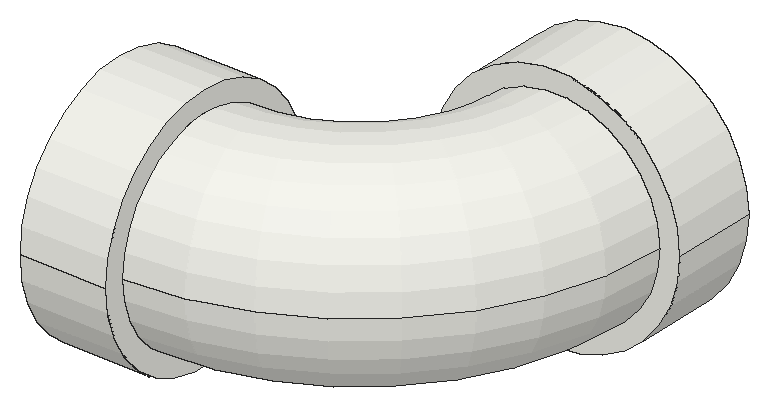
Revit family "PVC_Curva", category Pipe Fittings, Revit 2025
Family settings
  Round Connector Dimension = Use Radius
  Part Type = Elbow
  OmniClass Number = 23.60.30.11.14
  OmniClass Title = Pipework Fittings
  Work Plane-Based = No
  Always vertical = Yes
  Cut with Voids When Loaded = No
  Shared = No
Parameters
  Wall Thickness [instance] = size_lookup(Lookup Table Name, "WThk", 0.02 * Nominal Diameter + 33/256", Nominal Diameter)  # 0.156"
  Tick Size [instance] = Fitting Outside Diameter * 0.4  # 0.664"
  Socket Outside Radius [instance] = Socket Outside Diameter / 2  # 0.9935"
  Socket Outside Diameter [instance] = Socket Entrance Diameter + Wall Thickness * 2  # 1.987"
  Socket Entrance Diameter [instance] = size_lookup(Lookup Table Name, "SED", 1.04 * Nominal Diameter + 95/256", Nominal Diameter)  # 1.675"
  Socket Depth [instance] = size_lookup(Lookup Table Name, "SDpt", 0.5 * Nominal Diameter, Nominal Diameter)  # 0.687"
  Nominal Radius [instance] = 5/8"
  Nominal Diameter [instance] = Nominal Radius * 2  # 1 1/4"
  Loss Method = Not Defined
  Lookup Table Name = "Bend - PVC - Sch 40 - DWV"
  Length 2 [instance] = (Center to Socket Bottom Label + Socket Depth) * sin(Angle)  # 2 1/4"
  Length 1 [instance] = Center to Socket Bottom Label * (1 + cos(Angle)) + Socket Depth * cos(Angle)  # 1.563"
  Fitting Outside Radius [instance] = Fitting Outside Diameter / 2  # 0.83"
  Fitting Outside Diameter [instance] = size_lookup(Lookup Table Name, "FOD", 1.04 * Nominal Diameter + 23/64", Nominal Diameter)  # 1.66"
  Default Elevation = 0.000 m
  Center to Socket Bottom Not Found [instance] = if(Angle 1 = 90.00°, 0.66 * Nominal Diameter + 119/128", if(Angle 1 = 60.00°, 0.41 * Nominal Diameter + 55/128", if(Angle 1 = 45.00°, 0.42 * Nominal Diameter + 69/128", 0.21 * Nominal Diameter + 51/256")))  # 1.75469"
  Center to Socket Bottom Label [instance] = if(Fitting Outside Radius * tan(Angle / 2) > Center to Socket Bottom, Fitting Outside Radius * tan(Angle / 2) + 1/32", Center to Socket Bottom)  # 1.563"
  Center to Socket Bottom [instance] = size_lookup(Lookup Table Name, "CtSB", Center to Socket Bottom Not Found, Nominal Diameter, Angle 1)  # 1.563"
  Center Radius [instance] = Center to Socket Bottom Label / tan(Angle / 2)  # 1.563"
  Angle 1 [instance] = if(or(Angle < 22.50°, Angle = 22.50°), 22.50°, if(or(Angle < 45.00°, Angle = 45.00°), 45.00°, if(or(Angle < 60.00°, Angle = 60.00°), 60.00°, 90.00°)))  # 90.00°
  Angle [instance] = 90.00°
Reference planes (m)
  plane 1 "Center (Front/Back)": y = 0
  plane 2: z = 0
  plane 3 "Center (Left/Right)": x = 0
  plane 4: x = -0.0397
  plane 5: y = 0.0397
  plane 6: x = 0
  plane 7: y = 0.05715
  plane 8: x = -0.05715
Forms (m)
  Sweep 1, solid, material "PVC", detail levels fine
    path in 3D
      loop
        arc (-0.0397, 0, 0) -> (-0.011628, 0.011628, 0) -> (0, 0.0397, 0) r 0.0397
    profile origin (-0.011628, 0.011628, 0) x (-0.707107, 0.707107, 0) y (0, 0, 1)
      loop
        circle (0, 0) r 0.021082
  Sweep 2, solid, material "PVC", detail levels fine
    path in 3D
      loop
        line (-0.05715, 0, 0) -> (-0.0397, 0, 0)
    profile origin (-0.048425, 0, 0) x (0, 1, 0) y (0, 0, 1)
      loop
        circle (0, 0) r 0.025235
  Sweep 3, solid, material "PVC", detail levels fine
    path in 3D
      loop
        line (0, 0.0397, 0) -> (0, 0.05715, 0)
    profile origin (0, 0.048425, 0) x (-1, 0, 0) y (0, 0, 1)
      loop
        circle (0, 0) r 0.025235
Cuts and joins
  joined: Sweep 1, Sweep 2, Sweep 3
Lines and regions (m)
  model lines, detail levels coarse+medium
    curve 1: arc (-0.0397, 0, 0) -> (-0.011628, 0.011628, 0) -> (0, 0.0397, 0) r 0.0397
    curve 2: line (0, 0.0397, 0) -> (0, 0.05715, 0)
    curve 3: line (-0.05715, 0, 0) -> (-0.0397, 0, 0)
    curve 9: line (0, 0.05715, 0) -> (-0.016866, 0.05715, 0)
    curve 10: line (0, 0.05715, 0) -> (0.016866, 0.05715, 0)
    curve 11: line (-0.05715, 0.016866, 0) -> (-0.05715, 0, 0)
    curve 12: line (-0.05715, 0, 0) -> (-0.05715, -0.016866, 0)
  sketch lines
    curve 4: arc (-0.0397, 0, 0) -> (-0.011628, 0.011628, 0) -> (0, 0.0397, 0) r 0.0397
    curve 5: line (-0.05715, 0, 0) -> (-0.0397, 0, 0)
    curve 6: line (0, 0.0397, 0) -> (0, 0.05715, 0)
  reference lines
    curve 7: line (0, 0.05715, 0) -> (0, 0.0397, 0)
    curve 8: line (-0.05715, 0, 0) -> (-0.0397, 0, 0)
Dimensions and locks (m)
  "Center to Socket Bottom Label": plane 4 to plane 3 "Center (Left/Right)"
  "Center Radius": plane 5 to plane 1 "Center (Front/Back)"
  "Length 1": plane 4 to plane 6
  "Length 2": plane 7 to plane 1 "Center (Front/Back)"
  "Socket Depth": curve 2 to curve 2
  "Socket Depth": plane 8 to plane 4
  "Tick Size": curve 9 to curve 9
  "Tick Size": curve 10 to curve 10
  "Tick Size": curve 11 to curve 11
  "Tick Size": curve 12 to curve 12
  "Fitting Outside Radius": radius of Sweep 1 sketch curve
  "Socket Outside Radius": radius of Sweep 2 sketch curve
  "Socket Outside Radius": radius of Sweep 3 sketch curve
  "Center Radius": radius of curve 1
  "Angle": angle curve 1 to curve 1
  "Angle": angle plane 1 "Center (Front/Back)" to curve 2
  "Angle": angle plane 1 "Center (Front/Back)" to curve 7
  "Angle": angle plane 6 to curve 9
  "Angle": angle plane 6 to curve 10
  aligned and locked: plane 1 "Center (Front/Back)" to curve 1
  aligned and locked: plane 1 "Center (Front/Back)" to curve 3
  aligned and locked: plane 6 to curve 7
  aligned and locked: plane 7 to curve 7
  aligned and locked: plane 8 to curve 8
  aligned and locked: plane 1 "Center (Front/Back)" to curve 8
  aligned and locked: plane 6 to curve 9
  aligned and locked: curve 11 to plane 8
  aligned and locked: curve 12 to plane 8
Automatic sketch dimensions
  Sweep 1 sketch curve to profile plane = 0.000 m
  profile plane to Sweep 1 sketch curve = 0.000 m
  Sweep 2 sketch curve to profile plane = 0.000 m  (x2)
  Sweep 3 sketch curve to profile plane = 0.000 m  (x2)
  curve 8 to plane 4 = 0.000 m
Connectors (m)
  piping at (-0.05715, 0, 0), diameter 0.03175, driven by "Angle", driven by "Nominal Radius"
    settings: on cut or joined group of Sweep 1, Sweep 2, Sweep 3, index 1, connector inside diameter 1 1/4", connector length 0.000 m, flow factor 0, pipe flow 0 GPM, pressure drop 0.00 psi, fitting loss kfactor 0, connector angle 90.00°, fixture units 0, engagement length 0.000 m, angle of deflection 0.00°, flow configuration 0, flow direction 0, fitting loss method 0, system type 28, joint type 0, gender type 0, connector reference index 2, connector utility 0, adjustable connector no, is connector primary yes, connector description ""
  piping at (0, 0.05715, 0), diameter 0.03175, driven by "Angle", driven by "Nominal Radius"
    settings: on cut or joined group of Sweep 1, Sweep 2, Sweep 3, index 2, connector inside diameter 1 1/4", connector length 0.000 m, flow factor 0, pipe flow 0 GPM, pressure drop 0.00 psi, fitting loss kfactor 0, connector angle 90.00°, fixture units 0, engagement length 0.000 m, angle of deflection 0.00°, flow configuration 0, flow direction 0, fitting loss method 0, system type 28, joint type 0, gender type 0, connector reference index 1, connector utility 0, adjustable connector no, is connector primary no, connector description ""
